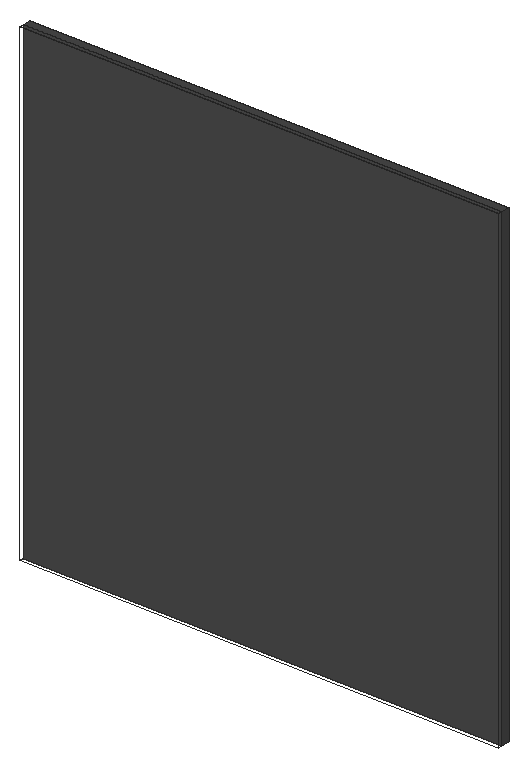
Revit family "Accessory-Teknion-EMWG_Thought_Board_Magnetic_Writable_Glass-R20161", category Furniture, Revit 2016
Family settings
  OmniClass Number = 23.40.20.00
  OmniClass Title = General Furniture and Specialties
  Work Plane-Based = No
  Always vertical = Yes
  Cut with Voids When Loaded = No
  Shared = Yes
  Room Calculation Point = No
Parameters (values of type "Thought Board, Magnetic Writabe Glass")
  Width [instance] = 29.000"
  Warranty = "http://www.teknion.com/ca/papers/legal-canada"
  Unit Weight URL = "http://www.teknion.com/ca/tools/assets#&asset=bee6a381-b954-425e-8283-5a2de3a804f2,f828d448-4b62-4231-9e5f-9a8991c0ed77"
  URL = "www.teknion.com"
  To render, please download texture images found here [instance] = "https://assets.teknion.com/web/5e81352c1dfdb467/revit-material-swatches/"
  Sustainability Data = "https://www.teknion.com/ca/tools/assets#&topic=216f99a5-57a0-44fc-b10a-9dee9b29ae4c&asset=444deb64-fe58-4b68-981e-f75e97781df7,b4ff2d81-9f2e-437d-9659-7cffb09c31cf"
  Series = "Emote"
  Product Page URL = "https://www.teknion.com/ca/products/product-details?productLineId=df54fb6e-8e7a-673b-a6c8-ff05004460c4"
  Product Line = "Emote"
  Product Documentation Link = "https://assets.teknion.com/m/e60fdd6154307a7/original/Emote-Sell-Sheet.pdf"
  Part Number = "EMWG"
  Model = "EMWG__"
  Manufacturer Phone = "416-661-3370"  # constant formula
  Manufacturer Fax = "416.661.4586"  # constant formula
  Manufacturer Contact Information = "http://www.teknion.com/ca/contactus"
  Manufacturer Address = "1150 Flint Road, Toronto, ON. M3J 2J5. Canada"  # constant formula
  Manufacturer = "Teknion"  # constant formula
  How To Use Teknion Materials User Guide [instance] = "https://assets.teknion.com/m/205dd0a49fa58060/original/How-to-add-a-Material-Library-and-Texture-Images-to-your-Revit-project.pdf"
  Height offset from the ground [instance] = 36.000"
  Height [instance] = 29.000"
  For Additional Finishes, please visit [instance] = "https://assets.teknion.com/m/44a8009b046e5d47/original/Teknion_Materials_Library.zip"
  Description = "Thought Board, Magnetic Writable Glass"
  Backpainted Glass [instance] = Back-painted Glass - K8 - Teknion - Graphic Steel
  Available Widths [instance] = "14.5, 29, 36, 42, 48 inches."  # constant formula
  Available Heights [instance] = if(not(or(Width = 36.000", Width = 42.000", Width = 48.000")), "14.5 or 29 inches.", "14.5 inches.")  # "14.5 or 29 inches."
  Assembly Code = "E2020200"
Reference planes (in)
  plane 1 "Center Front/Back": y = 0.09873
  plane 2: z = 0
  plane 3 "Center Left/Right": x = -0.44953
  plane 4 "Left": x = -14.94953
  plane 5 "Right": x = 14.05047
  plane 6 "Back": y = 0.47373
  plane 7 "Front": y = -0.27627
  plane 8 "Top": z = 65
  plane 9: z = 36
  plane 10: y = -0.02627
Forms (in)
  Sweep 1, solid, material "Back-painted Glass - K8 - Teknion - Graphic Steel" <- "Backpainted Glass"
    path origin (0, 0.09873, 0) x (1, 0, 0) y (0, 0, 1)
      loop
        line (-0.44953, 36) -> (-0.44953, 65)
    profile origin (-0.44953, 0.09873, 50.5) x (-1, 0, 0) y (0, -1, 0)
      loop
        line (14.5, -0.375) -> (14.5, 0.125) -> (-14.5, 0.125) -> (-14.5, -0.375) -> (14.5, -0.375)
  Sweep 2, solid, material "Glass - Teknion - A5 - Standard - Clear"
    path origin (0, -1.08784, 0) x (1, 0, 0) y (0, 0, 1)
      loop
        line (-0.44953, 36) -> (-0.44953, 65)
    profile origin (-0.44953, -1.08784, 50.5) x (-1, 0, 0) y (0, -1, 0)
      loop
        line (14.5, -1.06157) -> (14.5, -0.81157) -> (-14.5, -0.81157) -> (-14.5, -1.06157) -> (14.5, -1.06157)
Lines and regions (in)
  Masking region 1
    outline origin (0, 0, 0) x (1, 0, 0) y (0, 1, 0)
      loop
        line (-14.94953, 0.47373) -> (-14.94953, -0.27627) -> (14.05047, -0.27627) -> (14.05047, 0.47373) -> (-14.94953, 0.47373)
Dimensions and locks (in)
  "Width": plane 4 "Left" to plane 5 "Right"
  equal spacing: plane 6 "Back", plane 1 "Center Front/Back", plane 7 "Front", locked at 0.375 each
  "Height offset from the ground": plane 9 to level
  "Height": plane 8 "Top" to plane 9
  equal spacing: plane 4 "Left", plane 3 "Center Left/Right", plane 5 "Right"
  locked: plane 7 "Front" to plane 10 at 0.25
  aligned and locked: level to plane 2
  aligned and locked: plane 8 "Top" to Sweep 1 sketch curve
  aligned and locked: plane 9 to Sweep 1 sketch curve
  aligned and locked: plane 3 "Center Left/Right" to Sweep 1 sketch curve
  aligned and locked: Sweep 1 sketch curve to plane 6 "Back"
  aligned and locked: plane 4 "Left" to Sweep 1 sketch curve
  aligned and locked: Sweep 1 sketch curve to plane 5 "Right"
  aligned and locked: Masking region 1 sketch curve to plane 6 "Back"
  aligned and locked: Masking region 1 sketch curve to plane 4 "Left"
  aligned and locked: Masking region 1 sketch curve to plane 7 "Front"
  aligned and locked: Masking region 1 sketch curve to plane 5 "Right"
  aligned and locked: Sweep 1 sketch curve to plane 10
  aligned and locked: Sweep 2 sketch curve to plane 10
  aligned and locked: Sweep 2 sketch curve to plane 7 "Front"
  aligned and locked: Sweep 2 sketch curve to plane 4 "Left"
  aligned and locked: plane 5 "Right" to Sweep 2 sketch curve
  aligned and locked: plane 8 "Top" to Sweep 2 sketch curve
  aligned and locked: plane 9 to Sweep 2 sketch curve
Automatic sketch dimensions
  Sweep 2 sketch curve to plane 3 "Center Left/Right" = 0.000"
